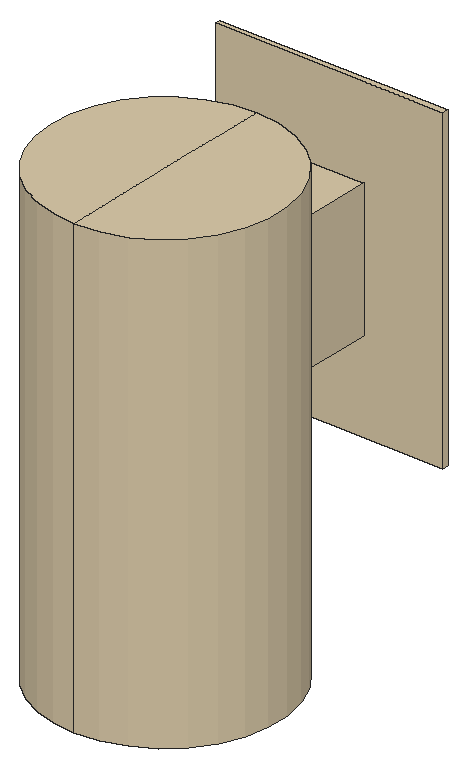
Revit family "CYBU510 - CF", category Lighting Fixtures, host Wall, Revit 2024
Family settings
  Host = Wall
  Round Connector Dimension = Use Diameter
  Part Type = Normal
  OmniClass Number = 23.80.70.00
  OmniClass Title = Lighting
  Always vertical = Yes
  Cut with Voids When Loaded = No
  Light Source = No
  Maintain Annotation Orientation = No
  Shared = No
  Room Calculation Point = No
Parameters
  Default Elevation = 0' - 0"
Reference planes (in)
  plane 1: y = 0
  plane 2 "Light Source Axis (F/B)": y = 8
  plane 3 "Light Source Axis (L/R)": x = -1.43133
  plane 4 "Light Source Elevation": z = 77.42225
Forms (in)
  Extrusion 1, solid, material "87"
    sketch origin (-1.43133, 0, 0) x (0, -1, 0) y (0, 0, 1)
      loop
        line (3, 80.92225) -> (3, 73.92225) -> (3.125, 73.92225) -> (3.125, 80.92225) -> (3, 80.92225)
    from -2.5 to 2.5
  Extrusion 2, solid, material "87"
    sketch origin (-1.43133, 0, 0) x (0, -1, 0) y (0, 0, 1)
      loop
        line (3.125, 78.92225) -> (3.125, 75.92225) -> (5.21941, 75.92225) -> (5.21941, 78.92225) -> (3.125, 78.92225)
    from -0.75 to 0.75
  Revolve 3, solid, material "87"
    sketch origin (-1.43133, 1.875, -0.375) x (0, -1, 0) y (0, 0, 1)
      loop
        line (7, 71.29725) -> (7.09375, 71.29725) -> (7.09375, 81.2035) -> (9.5, 81.2035) -> (9.5, 81.29725) -> (7, 81.29725) -> (7, 71.29725)
      axis (9.5, 81.29725) -> (9.5, 71.29725)
    angle from 0 to 360
Text (in)
  text "Placement Side" at (0, 40.15149, 123.01588), in view "Right"
  text "Placement Side" at (-70.3804, 28.46503, 0), in view "Ref. Level"
  text "Placement Side" at (0, 85.69064, 140.59947), in view "Left"
Dimensions and locks (in)
  aligned: level to host wall
